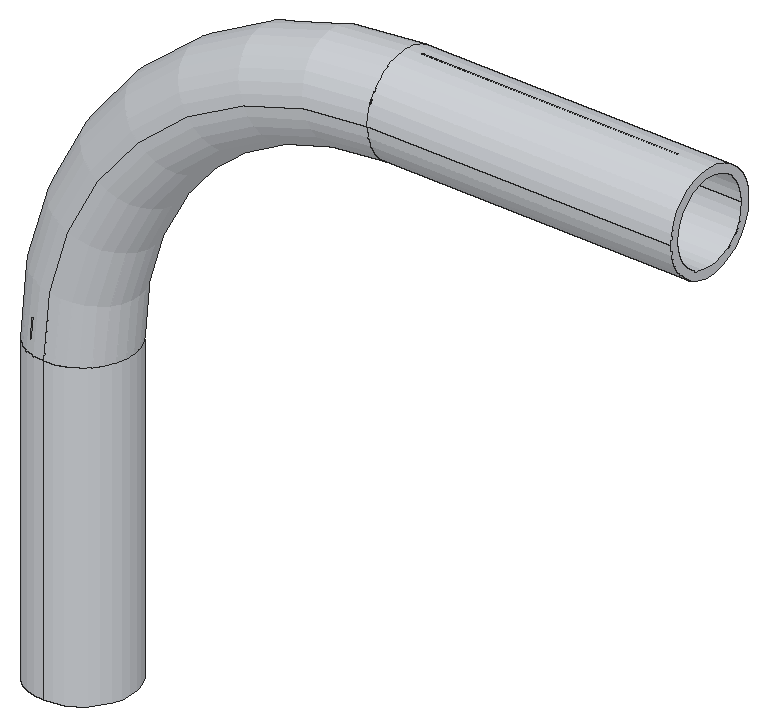
Revit family "PSB25B", category Generic Models, Revit 2017
Family settings
  Can host rebar = No
  Round Connector Dimension = Use Diameter
  Part Type = Normal
  Work Plane-Based = Yes
  Always vertical = No
  Cut with Voids When Loaded = No
  Shared = No
  Room Calculation Point = No
Parameters (values of type "NBS Standard Parameters")
  Weight = "0.0675Kg"
  WarrantyStartDate [instance] = "1900-12-31T23:59:59"
  WarrantyGuarantorParts = "n/a"
  WarrantyGuarantorLabor = "n/a"
  WarrantyDurationUnit = "1 year"
  WarrantyDurationParts = "n/a"
  WarrantyDurationLabor = "n/a"
  WarrantyDescription = "n/a"
  Version = "1"
  Uniclass2 = "Pr_65_70_11_20"
  TagNumber [instance] = "n/a"
  SustainabilityPerformance = "n/a"
  Size = "25mm"
  Shape = "n/a"
  SerialNumber [instance] = "n/a"
  Revision = "n/a"
  ReplacementCost = "n/a"
  ProductInformation = "www.metpro.co.uk/pdf/PSb25w.pdf"
  NominalWidth = 167.5 mm
  NominalLength = 167.5 mm
  NominalHeight = 27 mm
  Name = ""
  NBSTypeID = ""
  NBSReference = "90-55-10/460"
  NBSOfficeMasterTag = ""
  NBSNote = ""
  NBSDescription = "Conduit Fittings"
  NBSCertification = ""
  ModelReference = "PSB25B"
  ModelNumber = "n/a"
  Material = "PVC"
  ManufacturerURL = "www.metpro.co.uk"
  ManufacturerName = "Metpro Ltd"
  Keynote = "Manufactured to BS4607 Part 1"
  InstallationDate [instance] = "1900-12-31T23:59:59"
  IfcExportType = ""
  IfcExportAs = ""
  Grade = "n/a"
  Finish = "Black"
  Features = "n/a"
  ExpectedLife = "n/a"
  DurationUnit = "year"
  Description = "PSB25B - 25mm PVC Solid Bend"
  Default Elevation = 1219.2 mm
  Constituents = "n/a"
  Color = "n/a"
  CodePerformance = "n/a"
  Category = "n/a"
  BarCode [instance] = "n/a"
  BIMObjectName = "Metpro_metprolibrary_Conduitfittings_PVCcomponent_accessory"
  Author = "Metpro Ltd"
  AssetType = ""
  AssetIdentifier [instance] = "n/a"
  AccessibilityPerformance = "n/a"
Reference planes
  plane 1 "Center (Front/Back)": y = 0
  plane 2: z = 0
  plane 3 "Center (Left/Right)": x = 0
Forms (mm)
  Sweep 1, solid
    path origin (-13.378, -8.937, 0) x (-1, 0, 0) y (0, 0, 1)
      loop
        line (-139.023, 20.433) -> (-64.023, 20.433)
        arc (-64.023, 20.433) -> (-7.454, -2.999) -> (15.977, -59.567) r 80
        line (15.977, -59.567) -> (15.977, -134.567)
    profile origin (88.145, -8.937, 20.433) x (0, 0, 1) y (0, 1, 0)
      loop
        circle (0, 0) r 10
      loop
        circle (0, 0) r 12
Dimensions and locks
  aligned and locked: level to plane 2
